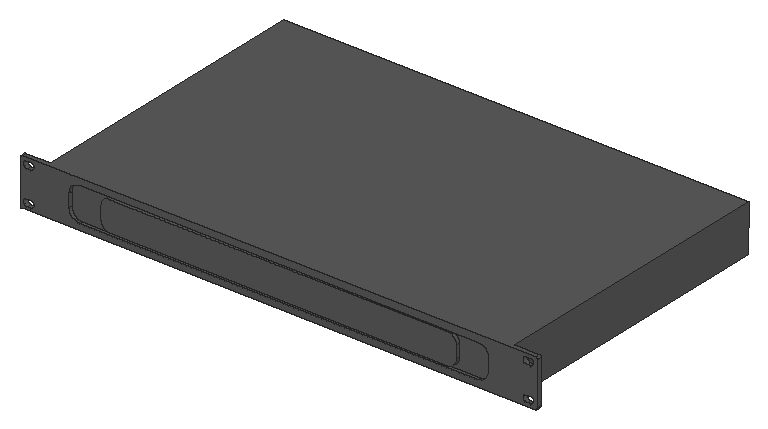
Revit family "E 20-4", category Communication Devices, Revit 2020
Family settings
  Maintain Annotation Orientation = No
  Round Connector Dimension = Use Diameter
  Part Type = Normal
  Work Plane-Based = No
  Always vertical = Yes
  Cut with Voids When Loaded = No
  Shared = No
  Room Calculation Point = No
Parameters
  Weight (kg) [instance] = 7.9  # constant formula
  Voltage [instance] = "100-240VAC"  # constant formula
  Model = "E 20:4"
  Manufacturer = "Lab Gruppen"
  Default Elevation = 0 mm
  Current Draw (Max) [instance] = 6  # constant formula
Reference planes
  plane 1 "Center (Front/Back)": y = 0
  plane 2: z = 0
  plane 3 "Center (Left/Right)": x = 0
Forms (mm)
  Extrusion 1, solid, material "Aluminium, Black"
    sketch origin (0, 0, 0) x (1, 0, 0) y (0, 0, 1)
      loop
        line (216.937, 44) -> (-216.504, 44) -> (-216.504, 0) -> (216.937, 0) -> (216.937, 44)
    from 0 to -272
  Extrusion 2, solid, material "Aluminium, Black"
    sketch origin (0, 0, 0) x (1, 0, 0) y (0, 0, 1)
      loop
        arc (-239.3, 44) -> (-240.714, 43.415) -> (-241.3, 42) r 2
        line (-241.3, 42) -> (-241.3, 2)
        arc (-241.3, 2) -> (-240.714, 0.586) -> (-239.3, 0) r 2
        line (-239.3, 0) -> (239.3, 0)
        arc (239.3, 0) -> (240.714, 0.586) -> (241.3, 2) r 2
        line (241.3, 2) -> (241.3, 42)
        arc (241.3, 42) -> (240.714, 43.415) -> (239.3, 44) r 2
        line (239.3, 44) -> (-239.3, 44)
    from 0 to 4
  Extrusion 3, void
    sketch origin (0, 0, 0) x (1, 0, 0) y (0, 0, 1)
      loop
        arc (231.4, 41.4) -> (227.9, 37.9) -> (231.4, 34.4) r 3.5
        line (231.4, 34.4) -> (234.4, 34.4)
        arc (234.4, 34.4) -> (237.9, 37.9) -> (234.4, 41.4) r 3.5
        line (234.4, 41.4) -> (231.4, 41.4)
    from 0 to 4
  Extrusion 4, void
    sketch origin (0, 0, 0) x (1, 0, 0) y (0, 0, 1)
      loop
        arc (231.4, 9.6) -> (227.9, 6.1) -> (231.4, 2.6) r 3.5
        line (231.4, 2.6) -> (234.4, 2.6)
        arc (234.4, 2.6) -> (237.9, 6.1) -> (234.4, 9.6) r 3.5
        line (234.4, 9.6) -> (231.4, 9.6)
    from 0 to 4
  Extrusion 5, void
    sketch origin (0, 0, 0) x (1, 0, 0) y (0, 0, 1)
      loop
        arc (-234.4, 41.4) -> (-237.9, 37.9) -> (-234.4, 34.4) r 3.5
        line (-234.4, 34.4) -> (-231.4, 34.4)
        arc (-231.4, 34.4) -> (-227.9, 37.9) -> (-231.4, 41.4) r 3.5
        line (-231.4, 41.4) -> (-234.4, 41.4)
    from 0 to 4
  Extrusion 6, void
    sketch origin (0, 0, 0) x (1, 0, 0) y (0, 0, 1)
      loop
        arc (-234.4, 9.6) -> (-237.9, 6.1) -> (-234.4, 2.6) r 3.5
        line (-234.4, 2.6) -> (-231.4, 2.6)
        arc (-231.4, 2.6) -> (-227.9, 6.1) -> (-231.4, 9.6) r 3.5
        line (-231.4, 9.6) -> (-234.4, 9.6)
    from 0 to 4
  Extrusion 7, void
    sketch origin (0, 0, 0) x (1, 0, 0) y (0, 0, 1)
      loop
        arc (-185.75, 38) -> (-192.821, 35.072) -> (-195.75, 28.001) r 10
        line (-195.75, 28.001) -> (-195.75, 16)
        arc (-195.75, 16) -> (-192.821, 8.929) -> (-185.75, 6) r 10
        line (-185.75, 6) -> (185.75, 6)
        arc (185.75, 6) -> (192.821, 8.929) -> (195.75, 16) r 10
        line (195.75, 16) -> (195.75, 28)
        arc (195.75, 28) -> (192.821, 35.071) -> (185.75, 38) r 10
        line (185.75, 38) -> (-185.75, 38)
    from 1 to 4
  Extrusion 8, solid, material "Aluminium, Black"
    sketch origin (0, 0, 0) x (1, 0, 0) y (0, 0, 1)
      loop
        arc (-157.75, 36.001) -> (-163.407, 33.657) -> (-165.75, 28.001) r 8
        line (-165.75, 28.001) -> (-165.75, 16)
        arc (-165.75, 16) -> (-163.407, 10.343) -> (-157.75, 8) r 8
        line (-157.75, 8) -> (157.75, 8)
        arc (157.75, 8) -> (163.407, 10.343) -> (165.75, 16) r 8
        line (165.75, 16) -> (165.75, 28.001)
        arc (165.75, 28.001) -> (163.407, 33.658) -> (157.75, 36.001) r 8
        line (157.75, 36.001) -> (-157.75, 36.001)
    from 1 to 4
Cuts and joins
  Extrusion 3, Extrusion 4, Extrusion 7 cuts Extrusion 1
  Extrusion 3, Extrusion 4, Extrusion 5, Extrusion 6, Extrusion 7 cuts Extrusion 2
  joined: Extrusion 1, Extrusion 2, Extrusion 8
Lines and regions (mm)
  Split face 1
    outline origin (-157.75, -4, 36.001) x (-1, 0, 0) y (0, 0, -1)
      loop
        arc (-83.45, 9.2) -> (-82.15, 10.5) -> (-83.45, 11.8) r 1.3
        line (-83.45, 11.8) -> (-89.45, 11.8)
        arc (-89.45, 11.8) -> (-90.75, 10.5) -> (-89.45, 9.2) r 1.3
        line (-89.45, 9.2) -> (-83.45, 9.2)
  Split face 2
    outline origin (-157.75, -4, 36.001) x (-1, 0, 0) y (0, 0, -1)
      loop
        arc (-83.45, 16.2) -> (-82.15, 17.5) -> (-83.45, 18.8) r 1.3
        line (-83.45, 18.8) -> (-89.45, 18.8)
        arc (-89.45, 18.8) -> (-90.75, 17.5) -> (-89.45, 16.2) r 1.3
        line (-89.45, 16.2) -> (-83.45, 16.2)
  Split face 3
    outline origin (151.8, 272, 44) x (0, 0, -1) y (-1, 0, 0)
      loop
        line (36.881, 281.67) -> (36.881, 297.368) -> (20.917, 297.368) -> (20.917, 281.67) -> (36.881, 281.67)
  Split face 4
    outline origin (176.085, 272, 44) x (0, 0, -1) y (-1, 0, 0)
      loop
        line (36.881, 324.151) -> (36.881, 339.849) -> (20.917, 339.849) -> (20.917, 324.151) -> (36.881, 324.151)
  Split face 5
    outline origin (151.8, 272, 44) x (0, 0, -1) y (-1, 0, 0)
      loop
        line (25.011, 295.86) -> (25.011, 294.882) -> (26.156, 294.882) -> (26.156, 291.433) -> (25.011, 291.433) -> (25.011, 287.788) -> (26.156, 287.788) -> (26.156, 284.34) -> (25.011, 284.34) -> (25.011, 283.361) -> (33.865, 283.361) -> (33.865, 295.86) -> (25.011, 295.86)
  Split face 6
    outline origin (176.085, 272, 44) x (0, 0, -1) y (-1, 0, 0)
      loop
        line (25.011, 338.341) -> (25.011, 337.363) -> (26.156, 337.363) -> (26.156, 333.914) -> (25.011, 333.914) -> (25.011, 330.269) -> (26.156, 330.269) -> (26.156, 326.821) -> (25.011, 326.821) -> (25.011, 325.842) -> (33.865, 325.842) -> (33.865, 338.341) -> (25.011, 338.341)
  Split face 7
    outline origin (187.853, 272, 44) x (0, 0, -1) y (-1, 0, 0)
      loop
        arc (28.422, 363.645) -> (30.466, 364.55) -> (31.305, 366.623) r 2.98
        line (31.305, 366.623) -> (31.305, 391.409)
        arc (31.305, 391.409) -> (30.493, 393.507) -> (28.422, 394.385) r 2.884
        line (28.422, 394.385) -> (12.058, 394.385)
        arc (12.058, 394.385) -> (10.01, 393.483) -> (9.169, 391.409) r 2.977
        line (9.169, 391.409) -> (9.169, 366.623)
        arc (9.169, 366.623) -> (9.983, 364.523) -> (12.058, 363.645) r 2.89
        line (12.058, 363.645) -> (28.422, 363.645)
  Split face 8
    outline origin (187.853, 272, 44) x (0, 0, -1) y (-1, 0, 0)
      loop
        arc (28.393, 389.257) -> (27.776, 390.755) -> (26.279, 391.376) r 2.114
        line (26.279, 391.376) -> (17.692, 391.376)
        arc (17.692, 391.376) -> (17.189, 391.274) -> (16.765, 390.986) r 1.299
        line (16.765, 390.986) -> (12.421, 386.557)
        arc (12.421, 386.557) -> (12.138, 386.127) -> (12.039, 385.622) r 1.336
        line (12.039, 385.622) -> (12.039, 372.472)
        arc (12.039, 372.472) -> (12.14, 371.968) -> (12.429, 371.544) r 1.293
        line (12.429, 371.544) -> (16.76, 367.323)
        arc (16.76, 367.323) -> (17.188, 367.04) -> (17.692, 366.941) r 1.327
        line (17.692, 366.941) -> (26.156, 366.941)
        arc (26.156, 366.941) -> (27.73, 367.519) -> (28.393, 369.059) r 2.122
        line (28.393, 369.059) -> (28.393, 389.257)
  Split face 9
    outline origin (187.853, 272, 44) x (0, 0, -1) y (-1, 0, 0)
      loop
        line (23.895, 385.372) -> (23.895, 387.032) -> (20.184, 387.032) -> (20.184, 385.372) -> (23.895, 385.372)
  Split face 10
    outline origin (187.853, 272, 44) x (0, 0, -1) y (-1, 0, 0)
      loop
        line (19.844, 378.336) -> (19.844, 379.996) -> (16.129, 379.996) -> (16.129, 378.336) -> (19.844, 378.336)
  Split face 11
    outline origin (187.853, 272, 44) x (0, 0, -1) y (-1, 0, 0)
      loop
        line (20.184, 372.93) -> (20.184, 371.266) -> (23.895, 371.266) -> (23.895, 372.93) -> (20.184, 372.93)
  Split face 12
    outline origin (216.937, 272, 44) x (0, 0, -1) y (-1, 0, 0)
      loop
        circle (29.652, 182.63) r 5.531
  Split face 13
    outline origin (216.937, 272, 44) x (0, 0, -1) y (-1, 0, 0)
      loop
        circle (30.72, 192.684) r 1.778
  Split face 14
    outline origin (216.937, 272, 39.014) x (0, 0, -1) y (-1, 0, 0)
      loop
        circle (25.227, 151.875) r 5.494
  Split face 15
    outline origin (216.937, 272, 39.014) x (0, 0, -1) y (-1, 0, 0)
      loop
        arc (22.886, 150.987) -> (22.835, 149.663) -> (24.159, 149.613) r 0.936
        line (24.159, 149.613) -> (27.557, 152.764)
        arc (27.557, 152.764) -> (27.611, 154.086) -> (26.289, 154.138) r 0.935
        line (26.289, 154.138) -> (22.886, 150.987)
  Split face 16
    outline origin (216.937, 272, 44) x (0, 0, -1) y (-1, 0, 0)
      loop
        circle (31.117, 140.57) r 1.58
  Split face 17
    outline origin (216.937, 272, 44) x (0, 0, -1) y (-1, 0, 0)
      loop
        line (34.484, 130.603) -> (34.484, 135.25) -> (27.365, 135.25) -> (27.365, 130.603) -> (34.484, 130.603)
  Split face 18
    outline origin (216.937, 272, 44) x (0, 0, -1) y (-1, 0, 0)
      loop
        line (33.378, 131.605) -> (33.378, 134.248) -> (29.564, 134.248) -> (29.564, 131.605) -> (33.378, 131.605)
  Split face 19
    outline origin (216.937, 272, 44) x (0, 0, -1) y (-1, 0, 0)
      loop
        line (34.484, 122.278) -> (34.484, 126.924) -> (27.365, 126.924) -> (27.365, 122.278) -> (34.484, 122.278)
  Split face 20
    outline origin (216.937, 272, 44) x (0, 0, -1) y (-1, 0, 0)
      loop
        line (33.378, 123.28) -> (33.378, 125.924) -> (29.564, 125.924) -> (29.564, 123.28) -> (33.378, 123.28)
  Split face 21
    outline origin (216.937, 272, 39.014) x (0, 0, -1) y (-1, 0, 0)
      loop
        circle (25.225, 110.053) r 5.494
  Split face 22
    outline origin (216.937, 272, 39.014) x (0, 0, -1) y (-1, 0, 0)
      loop
        arc (22.886, 109.165) -> (22.835, 107.841) -> (24.159, 107.791) r 0.936
        line (24.159, 107.791) -> (27.557, 110.942)
        arc (27.557, 110.942) -> (27.611, 112.264) -> (26.289, 112.316) r 0.935
        line (26.289, 112.316) -> (22.886, 109.165)
  Split face 23
    outline origin (216.937, 272, 44) x (0, 0, -1) y (-1, 0, 0)
      loop
        line (34.484, 88.653) -> (34.484, 93.301) -> (27.365, 93.301) -> (27.365, 88.653) -> (34.484, 88.653)
  Split face 24
    outline origin (216.937, 272, 44) x (0, 0, -1) y (-1, 0, 0)
      loop
        line (33.378, 89.656) -> (33.378, 92.299) -> (29.564, 92.299) -> (29.564, 89.656) -> (33.378, 89.656)
  Split face 25
    outline origin (216.937, 272, 44) x (0, 0, -1) y (-1, 0, 0)
      loop
        line (34.484, 80.329) -> (34.484, 84.975) -> (27.365, 84.975) -> (27.365, 80.329) -> (34.484, 80.329)
  Split face 26
    outline origin (216.937, 272, 44) x (0, 0, -1) y (-1, 0, 0)
      loop
        line (33.378, 81.331) -> (33.378, 83.975) -> (29.564, 83.975) -> (29.564, 81.331) -> (33.378, 81.331)
  Split face 27
    outline origin (216.937, 272, 44) x (0, 0, -1) y (-1, 0, 0)
      loop
        circle (31.117, 98.391) r 1.578
  Split face 28
    outline origin (216.937, 272, 44) x (0, 0, -1) y (-1, 0, 0)
      loop
        line (36.299, 4.758) -> (36.299, 26.188) -> (27.277, 26.188) -> (27.277, 25.116) -> (25.049, 25.116) -> (25.049, 5.793) -> (27.365, 5.793) -> (27.365, 4.758) -> (36.299, 4.758)
  Split face 29
    outline origin (216.937, 272, 44) x (0, 0, -1) y (-1, 0, 0)
      loop
        line (28.11, 4.758) -> (28.11, 26.188)
  Split face 30
    outline origin (216.937, 272, 44) x (0, 0, -1) y (-1, 0, 0)
      loop
        line (36.539, 31.923) -> (36.539, 49.134) -> (27.536, 49.134) -> (27.536, 46.746) -> (25.308, 46.746) -> (25.308, 34.334) -> (27.633, 34.334) -> (27.633, 31.923) -> (36.539, 31.923)
  Split face 31
    outline origin (216.937, 272, 44) x (0, 0, -1) y (-1, 0, 0)
      loop
        line (28.36, 31.923) -> (28.36, 49.134)
  Split face 32
    outline origin (216.937, 272, 44) x (0, 0, -1) y (-1, 0, 0)
      loop
        line (36.539, 58.674) -> (36.539, 75.884) -> (27.536, 75.884) -> (27.536, 73.496) -> (25.308, 73.496) -> (25.308, 61.084) -> (27.633, 61.084) -> (27.633, 58.674) -> (36.539, 58.674)
  Split face 33
    outline origin (216.937, 272, 44) x (0, 0, -1) y (-1, 0, 0)
      loop
        line (28.36, 58.674) -> (28.36, 75.884)
  Split face 34
    outline origin (216.937, 272, 44) x (0, 0, -1) y (-1, 0, 0)
      loop
        arc (34.712, 33.431) -> (35.812, 35.797) -> (34.712, 38.163) r 3.096
        arc (34.712, 38.163) -> (35.812, 40.529) -> (34.712, 42.895) r 3.096
        arc (34.712, 42.895) -> (35.812, 45.261) -> (34.712, 47.626) r 3.096
        line (34.712, 47.626) -> (34.712, 48.426) -> (30.105, 48.426) -> (30.105, 32.631) -> (34.712, 32.631) -> (34.712, 33.431)
  Split face 35
    outline origin (216.937, 272, 44) x (0, 0, -1) y (-1, 0, 0)
      loop
        arc (34.712, 60.181) -> (35.812, 62.547) -> (34.712, 64.913) r 3.096
        arc (34.712, 64.913) -> (35.812, 67.279) -> (34.712, 69.645) r 3.096
        arc (34.712, 69.645) -> (35.812, 72.011) -> (34.712, 74.377) r 3.096
        line (34.712, 74.377) -> (34.712, 75.177) -> (30.105, 75.177) -> (30.105, 59.381) -> (34.712, 59.381) -> (34.712, 60.181)
  Split face 36
    outline origin (216.937, 272, 44) x (0, 0, -1) y (-1, 0, 0)
      loop
        arc (34.712, 6.009) -> (35.812, 8.375) -> (34.712, 10.741) r 3.096
        arc (34.712, 10.741) -> (35.812, 13.107) -> (34.712, 15.473) r 3.096
        arc (34.712, 15.473) -> (35.812, 17.839) -> (34.712, 20.205) r 3.096
        arc (34.712, 20.205) -> (35.812, 22.571) -> (34.712, 24.937) r 3.096
        line (34.712, 24.937) -> (34.712, 25.737) -> (30.105, 25.737) -> (30.105, 5.209) -> (34.712, 5.209) -> (34.712, 6.009)
  Split face 37
    outline origin (-157.75, -4, 36.001) x (-1, 0, 0) y (0, 0, -1)
      loop
        circle (-182.45, 10.5) r 1.3
  Split face 38
    outline origin (-157.75, -4, 36.001) x (-1, 0, 0) y (0, 0, -1)
      loop
        circle (-182.45, 17.5) r 1.3
  Split face 39
    outline origin (-157.75, -4, 36.001) x (-1, 0, 0) y (0, 0, -1)
      loop
        circle (-206.951, 10.5) r 1.3
  Split face 40
    outline origin (-157.75, -4, 36.001) x (-1, 0, 0) y (0, 0, -1)
      loop
        circle (-206.951, 17.5) r 1.3
  Split face 41
    outline origin (216.937, 272, 44) x (0, 0, -1) y (-1, 0, 0)
      loop
        line (36.881, 328.65) -> (36.881, 344.348) -> (20.917, 344.348) -> (20.917, 328.65) -> (36.881, 328.65)
  Split face 42
    outline origin (216.937, 272, 44) x (0, 0, -1) y (-1, 0, 0)
      loop
        line (36.881, 310.454) -> (36.881, 326.152) -> (20.917, 326.152) -> (20.917, 310.454) -> (36.881, 310.454)
  Split face 43
    outline origin (216.937, 272, 44) x (0, 0, -1) y (-1, 0, 0)
      loop
        line (25.011, 342.823) -> (25.011, 341.844) -> (26.156, 341.844) -> (26.156, 338.396) -> (25.011, 338.396) -> (25.011, 334.751) -> (26.156, 334.751) -> (26.156, 331.302) -> (25.011, 331.302) -> (25.011, 330.324) -> (33.865, 330.324) -> (33.865, 342.823) -> (25.011, 342.823)
  Split face 44
    outline origin (216.937, 272, 44) x (0, 0, -1) y (-1, 0, 0)
      loop
        line (25.011, 324.627) -> (25.011, 323.648) -> (26.156, 323.648) -> (26.156, 320.2) -> (25.011, 320.2) -> (25.011, 316.555) -> (26.156, 316.555) -> (26.156, 313.106) -> (25.011, 313.106) -> (25.011, 312.128) -> (33.865, 312.128) -> (33.865, 324.627) -> (25.011, 324.627)
  Split face 45
    outline origin (216.937, 272, 44) x (0, 0, -1) y (-1, 0, 0)
      loop
        line (19.417, 31.923) -> (19.417, 49.134) -> (10.414, 49.134) -> (10.414, 46.746) -> (8.187, 46.746) -> (8.187, 34.334) -> (10.511, 34.334) -> (10.511, 31.923) -> (19.417, 31.923)
  Split face 46
    outline origin (216.937, 272, 44) x (0, 0, -1) y (-1, 0, 0)
      loop
        line (19.23, 58.714) -> (19.23, 75.925) -> (10.227, 75.925) -> (10.227, 73.537) -> (8, 73.537) -> (8, 61.125) -> (10.325, 61.125) -> (10.325, 58.714) -> (19.23, 58.714)
  Split face 47
    outline origin (216.937, 272, 44) x (0, 0, -1) y (-1, 0, 0)
      loop
        arc (16.948, 33.431) -> (18.047, 35.797) -> (16.948, 38.163) r 3.096
        arc (16.948, 38.163) -> (18.047, 40.529) -> (16.948, 42.895) r 3.096
        arc (16.948, 42.895) -> (18.047, 45.261) -> (16.948, 47.626) r 3.096
        line (16.948, 47.626) -> (16.948, 48.426) -> (12.341, 48.426) -> (12.341, 32.631) -> (16.948, 32.631) -> (16.948, 33.431)
  Split face 48
    outline origin (216.937, 272, 44) x (0, 0, -1) y (-1, 0, 0)
      loop
        arc (16.948, 60.181) -> (18.047, 62.547) -> (16.948, 64.913) r 3.096
        arc (16.948, 64.913) -> (18.047, 67.279) -> (16.948, 69.645) r 3.096
        arc (16.948, 69.645) -> (18.047, 72.011) -> (16.948, 74.377) r 3.096
        line (16.948, 74.377) -> (16.948, 75.177) -> (12.341, 75.177) -> (12.341, 59.381) -> (16.948, 59.381) -> (16.948, 60.181)
  Split face 49
    outline origin (216.937, 272, 44) x (0, 0, -1) y (-1, 0, 0)
      loop
        circle (12.341, 110.004) r 5.5
  Split face 50
    outline origin (216.937, 272, 44) x (0, 0, -1) y (-1, 0, 0)
      loop
        arc (10.048, 109.165) -> (9.997, 107.841) -> (11.321, 107.791) r 0.936
        line (11.321, 107.791) -> (14.719, 110.942)
        arc (14.719, 110.942) -> (14.773, 112.264) -> (13.451, 112.316) r 0.935
        line (13.451, 112.316) -> (10.048, 109.165)
  Split face 51
    outline origin (216.937, 272, 44) x (0, 0, -1) y (-1, 0, 0)
      loop
        circle (12.341, 151.894) r 5.5
  Split face 52
    outline origin (216.937, 272, 44) x (0, 0, -1) y (-1, 0, 0)
      loop
        arc (10.048, 150.981) -> (9.997, 149.657) -> (11.321, 149.607) r 0.936
        line (11.321, 149.607) -> (14.719, 152.758)
        arc (14.719, 152.758) -> (14.773, 154.08) -> (13.451, 154.132) r 0.935
        line (13.451, 154.132) -> (10.048, 150.981)
  Split face 53
    outline origin (216.937, 272, 44) x (0, 0, -1) y (-1, 0, 0)
      loop
        line (16.685, 130.603) -> (16.685, 135.25) -> (9.565, 135.25) -> (9.565, 130.603) -> (16.685, 130.603)
  Split face 54
    outline origin (216.937, 272, 44) x (0, 0, -1) y (-1, 0, 0)
      loop
        line (16.685, 122.276) -> (16.685, 126.924) -> (9.565, 126.924) -> (9.565, 122.276) -> (16.685, 122.276)
  Split face 55
    outline origin (216.937, 272, 44) x (0, 0, -1) y (-1, 0, 0)
      loop
        line (16.685, 88.653) -> (16.685, 93.301) -> (9.565, 93.301) -> (9.565, 88.653) -> (16.685, 88.653)
  Split face 56
    outline origin (216.937, 272, 44) x (0, 0, -1) y (-1, 0, 0)
      loop
        line (16.685, 80.327) -> (16.685, 84.975) -> (9.565, 84.975) -> (9.565, 80.327) -> (16.685, 80.327)
  Split face 57
    outline origin (216.937, 272, 44) x (0, 0, -1) y (-1, 0, 0)
      loop
        line (15.578, 131.605) -> (15.578, 134.248) -> (11.764, 134.248) -> (11.764, 131.605) -> (15.578, 131.605)
  Split face 58
    outline origin (216.937, 272, 44) x (0, 0, -1) y (-1, 0, 0)
      loop
        line (15.578, 123.279) -> (15.578, 125.922) -> (11.764, 125.922) -> (11.764, 123.279) -> (15.578, 123.279)
  Split face 59
    outline origin (216.937, 272, 44) x (0, 0, -1) y (-1, 0, 0)
      loop
        line (15.578, 89.656) -> (15.578, 92.299) -> (11.764, 92.299) -> (11.764, 89.656) -> (15.578, 89.656)
  Split face 60
    outline origin (216.937, 272, 44) x (0, 0, -1) y (-1, 0, 0)
      loop
        line (15.578, 81.33) -> (15.578, 83.973) -> (11.764, 83.973) -> (11.764, 81.33) -> (15.578, 81.33)
  Split face 61
    outline origin (216.937, 272, 44) x (0, 0, -1) y (-1, 0, 0)
      loop
        circle (13.317, 140.57) r 1.58
  Split face 62
    outline origin (216.937, 272, 44) x (0, 0, -1) y (-1, 0, 0)
      loop
        circle (13.317, 98.389) r 1.58
  Split face 63
    outline origin (216.937, 272, 44) x (0, 0, -1) y (-1, 0, 0)
      loop
        arc (34.712, 234.907) -> (35.974, 236.169) -> (34.712, 237.43) r 1.262
        line (34.712, 237.43) -> (6.452, 237.43)
        arc (6.452, 237.43) -> (5.19, 236.169) -> (6.452, 234.907) r 1.262
        line (6.452, 234.907) -> (34.712, 234.907)
  Split face 64
    outline origin (216.937, 272, 44) x (0, 0, -1) y (-1, 0, 0)
      loop
        arc (34.712, 238.407) -> (35.974, 239.669) -> (34.712, 240.93) r 1.262
        line (34.712, 240.93) -> (6.452, 240.93)
        arc (6.452, 240.93) -> (5.19, 239.669) -> (6.452, 238.407) r 1.262
        line (6.452, 238.407) -> (34.712, 238.407)
  Split face 65
    outline origin (216.937, 272, 44) x (0, 0, -1) y (-1, 0, 0)
      loop
        arc (34.712, 217.409) -> (35.974, 218.671) -> (34.712, 219.933) r 1.262
        line (34.712, 219.933) -> (6.452, 219.933)
        arc (6.452, 219.933) -> (5.19, 218.671) -> (6.452, 217.409) r 1.262
        line (6.452, 217.409) -> (34.712, 217.409)
  Split face 66
    outline origin (216.937, 272, 44) x (0, 0, -1) y (-1, 0, 0)
      loop
        arc (34.712, 213.93) -> (35.974, 215.192) -> (34.712, 216.454) r 1.262
        line (34.712, 216.454) -> (6.452, 216.454)
        arc (6.452, 216.454) -> (5.19, 215.192) -> (6.452, 213.93) r 1.262
        line (6.452, 213.93) -> (34.712, 213.93)
  Split face 67
    outline origin (216.937, 272, 44) x (0, 0, -1) y (-1, 0, 0)
      loop
        arc (34.712, 245.407) -> (35.974, 246.669) -> (34.712, 247.93) r 1.262
        line (34.712, 247.93) -> (6.452, 247.93)
        arc (6.452, 247.93) -> (5.19, 246.669) -> (6.452, 245.407) r 1.262
        line (6.452, 245.407) -> (34.712, 245.407)
  Split face 68
    outline origin (216.937, 272, 44) x (0, 0, -1) y (-1, 0, 0)
      loop
        arc (34.712, 224.389) -> (35.974, 225.651) -> (34.712, 226.913) r 1.262
        line (34.712, 226.913) -> (6.452, 226.913)
        arc (6.452, 226.913) -> (5.19, 225.651) -> (6.452, 224.389) r 1.262
        line (6.452, 224.389) -> (34.712, 224.389)
  Split face 69
    outline origin (216.937, 272, 44) x (0, 0, -1) y (-1, 0, 0)
      loop
        arc (34.712, 220.89) -> (35.974, 222.152) -> (34.712, 223.413) r 1.262
        line (34.712, 223.413) -> (6.452, 223.413)
        arc (6.452, 223.413) -> (5.19, 222.152) -> (6.452, 220.89) r 1.262
        line (6.452, 220.89) -> (34.712, 220.89)
  Split face 70
    outline origin (216.937, 272, 44) x (0, 0, -1) y (-1, 0, 0)
      loop
        arc (34.712, 241.907) -> (35.974, 243.169) -> (34.712, 244.43) r 1.262
        line (34.712, 244.43) -> (6.452, 244.43)
        arc (6.452, 244.43) -> (5.19, 243.169) -> (6.452, 241.907) r 1.262
        line (6.452, 241.907) -> (34.712, 241.907)
  Split face 71
    outline origin (216.937, 272, 44) x (0, 0, -1) y (-1, 0, 0)
      loop
        arc (34.712, 227.907) -> (35.974, 229.169) -> (34.712, 230.43) r 1.262
        line (34.712, 230.43) -> (6.452, 230.43)
        arc (6.452, 230.43) -> (5.19, 229.169) -> (6.452, 227.907) r 1.262
        line (6.452, 227.907) -> (34.712, 227.907)
  Split face 72
    outline origin (216.937, 272, 44) x (0, 0, -1) y (-1, 0, 0)
      loop
        arc (34.712, 231.407) -> (35.974, 232.669) -> (34.712, 233.93) r 1.262
        line (34.712, 233.93) -> (6.452, 233.93)
        arc (6.452, 233.93) -> (5.19, 232.669) -> (6.452, 231.407) r 1.262
        line (6.452, 231.407) -> (34.712, 231.407)
  Split face 73
    outline origin (216.937, 272, 44) x (0, 0, -1) y (-1, 0, 0)
      loop
        arc (34.712, 248.907) -> (35.974, 250.169) -> (34.712, 251.43) r 1.262
        line (34.712, 251.43) -> (6.452, 251.43)
        arc (6.452, 251.43) -> (5.19, 250.169) -> (6.452, 248.907) r 1.262
        line (6.452, 248.907) -> (34.712, 248.907)
  Split face 74
    outline origin (216.937, 272, 44) x (0, 0, -1) y (-1, 0, 0)
      loop
        arc (34.712, 266.407) -> (35.974, 267.669) -> (34.712, 268.93) r 1.262
        line (34.712, 268.93) -> (6.452, 268.93)
        arc (6.452, 268.93) -> (5.19, 267.669) -> (6.452, 266.407) r 1.262
        line (6.452, 266.407) -> (34.712, 266.407)
  Split face 75
    outline origin (216.937, 272, 44) x (0, 0, -1) y (-1, 0, 0)
      loop
        arc (34.712, 276.907) -> (35.974, 278.169) -> (34.712, 279.43) r 1.262
        line (34.712, 279.43) -> (6.452, 279.43)
        arc (6.452, 279.43) -> (5.19, 278.169) -> (6.452, 276.907) r 1.262
        line (6.452, 276.907) -> (34.712, 276.907)
  Split face 76
    outline origin (216.937, 272, 44) x (0, 0, -1) y (-1, 0, 0)
      loop
        arc (34.712, 273.407) -> (35.974, 274.669) -> (34.712, 275.93) r 1.262
        line (34.712, 275.93) -> (6.452, 275.93)
        arc (6.452, 275.93) -> (5.19, 274.669) -> (6.452, 273.407) r 1.262
        line (6.452, 273.407) -> (34.712, 273.407)
  Split face 77
    outline origin (216.937, 272, 44) x (0, 0, -1) y (-1, 0, 0)
      loop
        arc (34.712, 280.407) -> (35.974, 281.669) -> (34.712, 282.93) r 1.262
        line (34.712, 282.93) -> (6.452, 282.93)
        arc (6.452, 282.93) -> (5.19, 281.669) -> (6.452, 280.407) r 1.262
        line (6.452, 280.407) -> (34.712, 280.407)
  Split face 78
    outline origin (216.937, 272, 44) x (0, 0, -1) y (-1, 0, 0)
      loop
        arc (34.712, 269.907) -> (35.974, 271.169) -> (34.712, 272.43) r 1.262
        line (34.712, 272.43) -> (6.452, 272.43)
        arc (6.452, 272.43) -> (5.19, 271.169) -> (6.452, 269.907) r 1.262
        line (6.452, 269.907) -> (34.712, 269.907)
  Split face 79
    outline origin (216.937, 272, 44) x (0, 0, -1) y (-1, 0, 0)
      loop
        arc (34.712, 255.907) -> (35.974, 257.169) -> (34.712, 258.43) r 1.262
        line (34.712, 258.43) -> (6.452, 258.43)
        arc (6.452, 258.43) -> (5.19, 257.169) -> (6.452, 255.907) r 1.262
        line (6.452, 255.907) -> (34.712, 255.907)
  Split face 80
    outline origin (216.937, 272, 44) x (0, 0, -1) y (-1, 0, 0)
      loop
        arc (34.712, 252.407) -> (35.974, 253.669) -> (34.712, 254.93) r 1.262
        line (34.712, 254.93) -> (6.452, 254.93)
        arc (6.452, 254.93) -> (5.19, 253.669) -> (6.452, 252.407) r 1.262
        line (6.452, 252.407) -> (34.712, 252.407)
  Split face 81
    outline origin (216.937, 272, 44) x (0, 0, -1) y (-1, 0, 0)
      loop
        arc (34.712, 262.907) -> (35.974, 264.169) -> (34.712, 265.43) r 1.262
        line (34.712, 265.43) -> (6.452, 265.43)
        arc (6.452, 265.43) -> (5.19, 264.169) -> (6.452, 262.907) r 1.262
        line (6.452, 262.907) -> (34.712, 262.907)
  Split face 82
    outline origin (216.937, 272, 44) x (0, 0, -1) y (-1, 0, 0)
      loop
        arc (34.712, 259.407) -> (35.974, 260.669) -> (34.712, 261.93) r 1.262
        line (34.712, 261.93) -> (6.452, 261.93)
        arc (6.452, 261.93) -> (5.19, 260.669) -> (6.452, 259.407) r 1.262
        line (6.452, 259.407) -> (34.712, 259.407)
  Split face 83
    outline origin (-157.75, -4, 36.001) x (-1, 0, 0) y (0, 0, -1)
      loop
        circle (-157.95, 10.5) r 1.3
  Split face 84
    outline origin (-157.75, -4, 36.001) x (-1, 0, 0) y (0, 0, -1)
      loop
        circle (-157.95, 17.5) r 1.3
  Split face 85
    outline origin (-157.75, -4, 36.001) x (-1, 0, 0) y (0, 0, -1)
      loop
        circle (-133.45, 10.5) r 1.3
  Split face 86
    outline origin (-157.75, -4, 36.001) x (-1, 0, 0) y (0, 0, -1)
      loop
        circle (-133.45, 17.5) r 1.3
  Split face 87
    outline origin (216.937, 272, 44) x (0, 0, -1) y (-1, 0, 0)
      loop
        arc (34.712, 283.907) -> (35.974, 285.169) -> (34.712, 286.43) r 1.262
        line (34.712, 286.43) -> (6.452, 286.43)
        arc (6.452, 286.43) -> (5.19, 285.169) -> (6.452, 283.907) r 1.262
        line (6.452, 283.907) -> (34.712, 283.907)
  Split face 88
    outline origin (216.937, 272, 44) x (0, 0, -1) y (-1, 0, 0)
      loop
        arc (34.712, 287.407) -> (35.974, 288.669) -> (34.712, 289.93) r 1.262
        line (34.712, 289.93) -> (6.452, 289.93)
        arc (6.452, 289.93) -> (5.19, 288.669) -> (6.452, 287.407) r 1.262
        line (6.452, 287.407) -> (34.712, 287.407)
  Split face 89
    outline origin (216.937, 272, 44) x (0, 0, -1) y (-1, 0, 0)
      loop
        arc (34.712, 290.907) -> (35.974, 292.169) -> (34.712, 293.43) r 1.262
        line (34.712, 293.43) -> (6.452, 293.43)
        arc (6.452, 293.43) -> (5.19, 292.169) -> (6.452, 290.907) r 1.262
        line (6.452, 290.907) -> (34.712, 290.907)
  Split face 90
    outline origin (216.937, 272, 44) x (0, 0, -1) y (-1, 0, 0)
      loop
        arc (34.712, 294.407) -> (35.974, 295.669) -> (34.712, 296.93) r 1.262
        line (34.712, 296.93) -> (6.452, 296.93)
        arc (6.452, 296.93) -> (5.19, 295.669) -> (6.452, 294.407) r 1.262
        line (6.452, 294.407) -> (34.712, 294.407)
  model lines, style "LAGER_1"
    curve 1: line (-239.3, 0, 0) -> (239.3, 0, 0)
    curve 2: line (131.532, -4, 23.649) -> (131.062, -4, 23.759)
    curve 3: line (131.062, -4, 23.759) -> (130.184, -4, 23.802)
    curve 4: line (130.184, -4, 23.802) -> (130.011, -4, 23.802)
    curve 5: line (130.011, -4, 23.802) -> (129.167, -4, 23.765)
    curve 6: line (129.167, -4, 23.765) -> (128.533, -4, 23.639)
    curve 7: line (128.533, -4, 23.639) -> (128.28, -4, 23.401)
    curve 8: line (128.28, -4, 23.401) -> (128.431, -4, 22.518)
    curve 9: line (128.431, -4, 22.518) -> (129.032, -4, 22.38)
    curve 10: line (129.032, -4, 22.38) -> (129.482, -4, 22.38)
    curve 11: line (129.482, -4, 22.38) -> (130.451, -4, 22.38)
    curve 12: line (130.451, -4, 22.38) -> (130.901, -4, 22.374)
    curve 13: line (130.901, -4, 22.374) -> (131.496, -4, 22.325)
    curve 14: line (131.496, -4, 22.325) -> (132.137, -4, 22.046)
    curve 15: line (132.137, -4, 22.046) -> (132.264, -4, 20.617)
    curve 16: line (132.264, -4, 20.617) -> (131.866, -4, 20.243)
    curve 17: line (131.866, -4, 20.243) -> (131.187, -4, 20.08)
    curve 18: line (131.187, -4, 20.08) -> (130.321, -4, 20.043)
    curve 19: line (130.321, -4, 20.043) -> (129.994, -4, 20.043)
    curve 20: line (129.994, -4, 20.043) -> (129.3, -4, 20.053)
    curve 21: line (129.3, -4, 20.053) -> (128.591, -4, 20.126)
    curve 22: line (128.591, -4, 20.126) -> (127.91, -4, 20.462)
    curve 23: line (127.91, -4, 20.462) -> (127.707, -4, 21.41)
    curve 24: line (127.707, -4, 21.41) -> (128.203, -4, 21.41)
    curve 25: line (128.203, -4, 21.319) -> (128.261, -4, 20.828)
    curve 26: line (128.261, -4, 20.828) -> (128.564, -4, 20.593)
    curve 27: line (128.564, -4, 20.593) -> (129.215, -4, 20.496)
    curve 28: line (129.215, -4, 20.496) -> (131.1, -4, 20.529)
    curve 29: line (131.1, -4, 20.529) -> (131.702, -4, 20.74)
    curve 30: line (131.702, -4, 20.74) -> (131.656, -4, 21.818)
    curve 31: line (131.656, -4, 21.818) -> (130.957, -4, 21.939)
    curve 32: line (130.957, -4, 21.939) -> (130.015, -4, 21.939)
    curve 33: line (130.015, -4, 21.939) -> (128.913, -4, 21.961)
    curve 34: line (128.913, -4, 21.961) -> (128.02, -4, 22.184)
    curve 35: line (128.02, -4, 22.184) -> (127.842, -4, 23.641)
    curve 36: line (127.842, -4, 23.641) -> (128.301, -4, 24.043)
    curve 37: line (128.301, -4, 24.043) -> (129.062, -4, 24.198)
    curve 38: line (129.062, -4, 24.198) -> (130.693, -4, 24.223)
    curve 39: line (130.693, -4, 24.223) -> (131.347, -4, 24.165)
    curve 40: line (131.347, -4, 24.165) -> (132.041, -4, 23.84)
    curve 41: line (132.041, -4, 23.84) -> (132.282, -4, 22.998)
    curve 42: line (132.282, -4, 22.998) -> (131.785, -4, 22.998)
    curve 43: line (131.785, -4, 22.998) -> (131.72, -4, 23.443)
    curve 44: line (131.72, -4, 23.443) -> (131.532, -4, 23.649)
    curve 45: line (137.322, -4, 22.413) -> (137.322, -4, 21.994)
    curve 46: line (137.322, -4, 21.994) -> (133.867, -4, 21.994)
    curve 47: line (133.867, -4, 21.994) -> (133.867, -4, 20.484)
    curve 48: line (133.867, -4, 20.484) -> (137.495, -4, 20.484)
    curve 49: line (137.495, -4, 20.484) -> (137.495, -4, 20.065)
    curve 50: line (137.495, -4, 20.065) -> (133.371, -4, 20.065)
    curve 51: line (133.371, -4, 20.065) -> (133.371, -4, 24.199)
    curve 52: line (133.371, -4, 24.199) -> (137.452, -4, 24.199)
    curve 53: line (137.452, -4, 24.199) -> (137.452, -4, 23.769)
    curve 54: line (137.452, -4, 23.769) -> (133.867, -4, 23.769)
    curve 55: line (133.867, -4, 23.769) -> (133.867, -4, 22.413)
    curve 56: line (133.867, -4, 22.413) -> (137.322, -4, 22.413)
    curve 57: line (142.715, -4, 23.001) -> (142.487, -4, 23.625)
    curve 58: line (142.487, -4, 23.625) -> (141.732, -4, 23.769)
    curve 59: line (141.732, -4, 23.769) -> (138.978, -4, 23.769)
    curve 60: line (138.978, -4, 23.769) -> (138.978, -4, 22.16)
    curve 61: line (138.978, -4, 22.16) -> (141.744, -4, 22.16)
    curve 62: line (141.744, -4, 22.16) -> (142.502, -4, 22.329)
    curve 63: line (142.502, -4, 22.329) -> (142.715, -4, 23.001)
    curve 64: line (143.234, -4, 22.974) -> (143.069, -4, 22.21)
    curve 65: line (143.069, -4, 22.21) -> (142.354, -4, 21.923)
    curve 66: line (142.354, -4, 21.923) -> (142.962, -4, 21.721)
    curve 67: line (142.962, -4, 21.721) -> (143.156, -4, 21.189)
    curve 68: line (143.156, -4, 21.189) -> (143.156, -4, 20.065)
    curve 69: line (143.156, -4, 20.065) -> (142.66, -4, 20.065)
    curve 70: line (142.66, -4, 20.065) -> (142.66, -4, 20.983)
    curve 71: line (142.66, -4, 20.983) -> (142.466, -4, 21.592)
    curve 72: line (142.466, -4, 21.592) -> (141.789, -4, 21.741)
    curve 73: line (141.789, -4, 21.741) -> (138.978, -4, 21.741)
    curve 74: line (138.978, -4, 21.741) -> (138.978, -4, 20.065)
    curve 75: line (138.978, -4, 20.065) -> (138.482, -4, 20.065)
    curve 76: line (138.482, -4, 20.065) -> (138.482, -4, 24.199)
    curve 77: line (138.482, -4, 24.199) -> (141.837, -4, 24.199)
    curve 78: line (141.837, -4, 24.199) -> (142.909, -4, 23.949)
    curve 79: line (142.909, -4, 23.949) -> (143.234, -4, 22.974)
    curve 80: line (144.714, -4, 20.065) -> (144.217, -4, 20.065)
    curve 81: line (144.217, -4, 20.065) -> (144.217, -4, 24.199)
    curve 82: line (144.217, -4, 24.199) -> (144.714, -4, 24.199)
    curve 83: line (144.714, -4, 24.199) -> (144.714, -4, 20.065)
    curve 84: line (149.818, -4, 22.413) -> (149.818, -4, 21.994)
    curve 85: line (149.818, -4, 21.994) -> (146.362, -4, 21.994)
    curve 86: line (146.362, -4, 21.994) -> (146.362, -4, 20.484)
    curve 87: line (146.362, -4, 20.484) -> (149.991, -4, 20.484)
    curve 88: line (149.991, -4, 20.484) -> (149.991, -4, 20.065)
    curve 89: line (149.991, -4, 20.065) -> (145.866, -4, 20.065)
    curve 90: line (145.866, -4, 20.065) -> (145.866, -4, 24.199)
    curve 91: line (145.866, -4, 24.199) -> (149.947, -4, 24.199)
    curve 92: line (149.947, -4, 24.199) -> (149.947, -4, 23.769)
    curve 93: line (149.947, -4, 23.769) -> (146.362, -4, 23.769)
    curve 94: line (146.362, -4, 23.769) -> (146.362, -4, 22.413)
    curve 95: line (146.362, -4, 22.413) -> (149.818, -4, 22.413)
    curve 96: line (154.726, -4, 23.649) -> (154.256, -4, 23.759)
    curve 97: line (154.256, -4, 23.759) -> (153.378, -4, 23.802)
    curve 98: line (153.378, -4, 23.802) -> (153.205, -4, 23.802)
    curve 99: line (153.205, -4, 23.802) -> (152.361, -4, 23.765)
    curve 100: line (152.361, -4, 23.765) -> (151.727, -4, 23.639)
    curve 101: line (151.727, -4, 23.639) -> (151.474, -4, 23.401)
    curve 102: line (151.474, -4, 23.401) -> (151.625, -4, 22.518)
    curve 103: line (151.625, -4, 22.518) -> (152.226, -4, 22.38)
    curve 104: line (152.226, -4, 22.38) -> (152.677, -4, 22.38)
    curve 105: line (152.677, -4, 22.38) -> (153.645, -4, 22.38)
    curve 106: line (153.645, -4, 22.38) -> (154.095, -4, 22.374)
    curve 107: line (154.095, -4, 22.374) -> (154.69, -4, 22.325)
    curve 108: line (154.69, -4, 22.325) -> (155.331, -4, 22.046)
    curve 109: line (155.331, -4, 22.046) -> (155.457, -4, 20.617)
    curve 110: line (155.457, -4, 20.617) -> (155.06, -4, 20.243)
    curve 111: line (155.06, -4, 20.243) -> (154.381, -4, 20.08)
    curve 112: line (154.381, -4, 20.08) -> (153.515, -4, 20.043)
    curve 113: line (153.515, -4, 20.043) -> (153.188, -4, 20.043)
    curve 114: line (153.188, -4, 20.043) -> (152.494, -4, 20.053)
    curve 115: line (152.494, -4, 20.053) -> (151.785, -4, 20.126)
    curve 116: line (151.785, -4, 20.126) -> (151.104, -4, 20.462)
    curve 117: line (151.104, -4, 20.462) -> (150.9, -4, 21.41)
    curve 118: line (150.9, -4, 21.41) -> (151.396, -4, 21.41)
    curve 119: line (151.396, -4, 21.319) -> (151.455, -4, 20.828)
    curve 120: line (151.455, -4, 20.828) -> (151.757, -4, 20.593)
    curve 121: line (151.757, -4, 20.593) -> (152.409, -4, 20.496)
    curve 122: line (152.409, -4, 20.496) -> (154.294, -4, 20.529)
    curve 123: line (154.294, -4, 20.529) -> (154.85, -4, 21.818)
    curve 124: line (154.85, -4, 21.818) -> (154.151, -4, 21.939)
    curve 125: line (154.151, -4, 21.939) -> (153.209, -4, 21.939)
    curve 126: line (153.209, -4, 21.939) -> (152.107, -4, 21.961)
    curve 127: line (152.107, -4, 21.961) -> (151.214, -4, 22.184)
    curve 128: line (151.214, -4, 22.184) -> (151.036, -4, 23.641)
    curve 129: line (151.036, -4, 23.641) -> (151.495, -4, 24.043)
    curve 130: line (151.495, -4, 24.043) -> (153.888, -4, 24.223)
    curve 131: line (153.888, -4, 24.223) -> (154.541, -4, 24.165)
    curve 132: line (154.541, -4, 24.165) -> (155.235, -4, 23.84)
    curve 133: line (155.235, -4, 23.84) -> (155.475, -4, 22.998)
    curve 134: line (155.475, -4, 22.998) -> (154.979, -4, 22.998)
    curve 135: line (154.979, -4, 22.998) -> (154.914, -4, 23.443)
    curve 136: line (154.914, -4, 23.443) -> (154.726, -4, 23.649)
    curve 137: line (124.327, -4, 22.413) -> (124.327, -4, 21.994)
    curve 138: line (124.327, -4, 21.994) -> (120.871, -4, 21.994)
    curve 139: line (120.871, -4, 21.994) -> (120.871, -4, 20.484)
    curve 140: line (120.871, -4, 20.484) -> (124.5, -4, 20.484)
    curve 141: line (124.5, -4, 20.484) -> (124.5, -4, 20.065)
    curve 142: line (124.5, -4, 20.065) -> (120.375, -4, 20.065)
    curve 143: line (120.375, -4, 20.065) -> (120.375, -4, 24.199)
    curve 144: line (120.375, -4, 24.199) -> (124.457, -4, 24.199)
    curve 145: line (124.457, -4, 24.199) -> (124.457, -4, 23.769)
    curve 146: line (124.457, -4, 23.769) -> (120.871, -4, 23.769)
    curve 147: line (120.871, -4, 23.769) -> (120.871, -4, 22.413)
    curve 148: line (120.871, -4, 22.413) -> (124.327, -4, 22.413)
  model lines, style "0"
    curve 149: line (241.3, 0, 0) -> (-241.3, 0, 0)
  model lines, detail levels medium+fine
    curve 150: line (-141.82, -4, 20.552) -> (-142.115, -4, 20.847)
    curve 151: line (-141.82, -4, 20.24) -> (-141.82, -4, 20.552)
    curve 152: line (-142.115, -4, 19.945) -> (-141.82, -4, 20.24)
    curve 153: line (-142.402, -4, 19.945) -> (-142.115, -4, 19.945)
    curve 154: line (-142.696, -4, 20.24) -> (-142.402, -4, 19.945)
    curve 155: line (-142.696, -4, 20.552) -> (-142.696, -4, 20.24)
    curve 156: line (-142.402, -4, 20.847) -> (-142.696, -4, 20.552)
    curve 157: line (-142.115, -4, 20.847) -> (-142.402, -4, 20.847)
    curve 158: line (-139.06, -4, 22.001) -> (-136.58, -4, 22.001)
    curve 159: line (-139.161, -4, 21.619) -> (-139.161, -4, 21.9)
    curve 160: line (-137.056, -4, 21.518) -> (-139.06, -4, 21.518)
    curve 161: line (-137.158, -4, 20.619) -> (-137.004, -4, 21.468)
    curve 162: line (-138.634, -4, 20.395) -> (-137.158, -4, 20.619)
    curve 163: line (-140.878, -4, 20.86) -> (-138.634, -4, 20.395)
    curve 164: line (-140.743, -4, 23.347) -> (-140.878, -4, 20.86)
    curve 165: line (-137.927, -4, 23.526) -> (-140.743, -4, 23.347)
    curve 166: line (-137.183, -4, 23.353) -> (-137.927, -4, 23.526)
    curve 167: line (-137.056, -4, 22.846) -> (-137.183, -4, 23.353)
    curve 168: line (-136.583, -4, 22.745) -> (-136.945, -4, 22.745)
    curve 169: line (-136.6, -4, 23.446) -> (-136.485, -4, 22.845)
    curve 170: line (-137.4, -4, 23.979) -> (-136.6, -4, 23.446)
    curve 171: line (-141.387, -4, 23.309) -> (-137.4, -4, 23.979)
    curve 172: line (-141.393, -4, 20.631) -> (-141.387, -4, 23.309)
    curve 173: line (-140.631, -4, 19.98) -> (-141.393, -4, 20.631)
    curve 174: line (-136.52, -4, 20.724) -> (-140.631, -4, 19.98)
    curve 175: line (-136.453, -4, 21.882) -> (-136.52, -4, 20.724)
    curve 176: line (-135.937, -4, 23.94) -> (-135.937, -4, 20.007)
    curve 177: line (-133.459, -4, 24.041) -> (-135.835, -4, 24.041)
    curve 178: line (-131.312, -4, 23.533) -> (-133.459, -4, 24.041)
    curve 179: line (-131.863, -4, 21.703) -> (-131.312, -4, 23.533)
    curve 180: line (-131.442, -4, 21.493) -> (-131.863, -4, 21.703)
    curve 181: line (-131.256, -4, 20.495) -> (-131.442, -4, 21.493)
    curve 182: line (-131.256, -4, 20.007) -> (-131.256, -4, 20.495)
    curve 183: line (-131.706, -4, 19.906) -> (-131.357, -4, 19.906)
    curve 184: line (-131.808, -4, 20.201) -> (-131.808, -4, 20.007)
    curve 185: line (-131.808, -4, 20.404) -> (-131.808, -4, 20.201)
    curve 186: line (-131.832, -4, 21.003) -> (-131.808, -4, 20.404)
    curve 187: line (-132.272, -4, 21.462) -> (-131.832, -4, 21.003)
    curve 188: line (-133.357, -4, 21.499) -> (-132.272, -4, 21.462)
    curve 189: line (-135.284, -4, 21.499) -> (-133.357, -4, 21.499)
    curve 190: line (-135.385, -4, 20.007) -> (-135.385, -4, 21.398)
    curve 191: line (-135.835, -4, 19.906) -> (-135.486, -4, 19.906)
    curve 192: line (-133.459, -4, 21.983) -> (-135.284, -4, 21.983)
    curve 193: line (-133.257, -4, 21.983) -> (-133.459, -4, 21.983)
    curve 194: line (-132.963, -4, 21.983) -> (-133.257, -4, 21.983)
    curve 195: line (-132.761, -4, 21.99) -> (-132.963, -4, 21.983)
    curve 196: line (-131.832, -4, 22.262) -> (-132.761, -4, 21.99)
    curve 197: line (-131.944, -4, 23.409) -> (-131.832, -4, 22.262)
    curve 198: line (-133.357, -4, 23.558) -> (-131.944, -4, 23.409)
    curve 199: line (-135.284, -4, 23.558) -> (-133.357, -4, 23.558)
    curve 200: line (-135.385, -4, 22.084) -> (-135.385, -4, 23.456)
    curve 201: line (-130.597, -4, 24.041) -> (-130.247, -4, 24.041)
    curve 202: line (-130.698, -4, 22.007) -> (-130.698, -4, 23.94)
    curve 203: line (-130.655, -4, 20.792) -> (-130.698, -4, 22.007)
    curve 204: line (-129.954, -4, 19.98) -> (-130.655, -4, 20.792)
    curve 205: line (-126.599, -4, 19.98) -> (-129.954, -4, 19.98)
    curve 206: line (-125.849, -4, 20.867) -> (-126.599, -4, 19.98)
    curve 207: line (-125.818, -4, 22.109) -> (-125.849, -4, 20.867)
    curve 208: line (-125.818, -4, 23.94) -> (-125.818, -4, 22.109)
    curve 209: line (-126.268, -4, 24.041) -> (-125.919, -4, 24.041)
    curve 210: line (-126.368, -4, 21.405) -> (-126.37, -4, 23.94)
    curve 211: line (-126.5, -4, 20.612) -> (-126.368, -4, 21.405)
    curve 212: line (-129.749, -4, 20.463) -> (-126.5, -4, 20.612)
    curve 213: line (-130.146, -4, 23.94) -> (-129.749, -4, 20.463)
    curve 214: line (-125.235, -4, 23.94) -> (-125.235, -4, 20.007)
    curve 215: line (-122.146, -4, 24.041) -> (-125.134, -4, 24.041)
    curve 216: line (-120.969, -4, 23.818) -> (-122.146, -4, 24.041)
    curve 217: line (-120.945, -4, 21.722) -> (-120.969, -4, 23.818)
    curve 218: line (-121.893, -4, 21.468) -> (-120.945, -4, 21.722)
    curve 219: line (-122.618, -4, 21.462) -> (-121.893, -4, 21.468)
    curve 220: line (-124.582, -4, 21.462) -> (-122.618, -4, 21.462)
    curve 221: line (-124.684, -4, 20.007) -> (-124.684, -4, 21.36)
    curve 222: line (-125.134, -4, 19.906) -> (-124.785, -4, 19.906)
    curve 223: line (-122.618, -4, 21.946) -> (-124.582, -4, 21.946)
    curve 224: line (-121.366, -4, 22.094) -> (-122.618, -4, 21.946)
    curve 225: line (-121.354, -4, 23.403) -> (-121.366, -4, 22.094)
    curve 226: line (-122.618, -4, 23.558) -> (-121.354, -4, 23.403)
    curve 227: line (-124.582, -4, 23.558) -> (-122.618, -4, 23.558)
    curve 228: line (-124.684, -4, 22.047) -> (-124.684, -4, 23.456)
    curve 229: line (-120.251, -4, 23.94) -> (-120.251, -4, 20.007)
    curve 230: line (-117.162, -4, 24.041) -> (-120.149, -4, 24.041)
    curve 231: line (-115.984, -4, 23.818) -> (-117.162, -4, 24.041)
    curve 232: line (-115.96, -4, 21.722) -> (-115.984, -4, 23.818)
    curve 233: line (-116.908, -4, 21.468) -> (-115.96, -4, 21.722)
    curve 234: line (-117.634, -4, 21.462) -> (-116.908, -4, 21.468)
    curve 235: line (-119.598, -4, 21.462) -> (-117.634, -4, 21.462)
    curve 236: line (-119.699, -4, 20.007) -> (-119.699, -4, 21.36)
    curve 237: line (-120.149, -4, 19.906) -> (-119.801, -4, 19.906)
    curve 238: line (-117.634, -4, 21.946) -> (-119.598, -4, 21.946)
    curve 239: line (-116.382, -4, 22.094) -> (-117.634, -4, 21.946)
    curve 240: line (-116.369, -4, 23.403) -> (-116.382, -4, 22.094)
    curve 241: line (-117.634, -4, 23.558) -> (-116.369, -4, 23.403)
    curve 242: line (-119.598, -4, 23.558) -> (-117.634, -4, 23.558)
    curve 243: line (-119.699, -4, 22.047) -> (-119.699, -4, 23.456)
    curve 244: line (-115.253, -4, 20.007) -> (-115.253, -4, 23.94)
    curve 245: line (-111.299, -4, 19.906) -> (-115.152, -4, 19.906)
    curve 246: line (-111.197, -4, 20.288) -> (-111.197, -4, 20.007)
    curve 247: line (-114.6, -4, 20.389) -> (-111.299, -4, 20.389)
    curve 248: line (-114.701, -4, 21.708) -> (-114.701, -4, 20.49)
    curve 249: line (-111.454, -4, 21.809) -> (-114.6, -4, 21.809)
    curve 250: line (-111.353, -4, 22.192) -> (-111.353, -4, 21.91)
    curve 251: line (-114.6, -4, 22.293) -> (-111.454, -4, 22.293)
    curve 252: line (-114.701, -4, 23.456) -> (-114.701, -4, 22.394)
    curve 253: line (-111.305, -4, 23.558) -> (-114.6, -4, 23.558)
    curve 254: line (-111.204, -4, 23.94) -> (-111.204, -4, 23.659)
    curve 255: line (-115.152, -4, 24.041) -> (-111.305, -4, 24.041)
    curve 256: line (-110.706, -4, 24.041) -> (-109.991, -4, 24.041)
    curve 257: line (-110.807, -4, 20.007) -> (-110.807, -4, 23.94)
    curve 258: line (-110.356, -4, 19.906) -> (-110.706, -4, 19.906)
    curve 259: line (-110.255, -4, 23.425) -> (-110.255, -4, 20.007)
    curve 260: line (-110.06, -4, 23.454) -> (-110.255, -4, 23.425)
    curve 261: line (-106.6, -4, 19.977) -> (-110.06, -4, 23.454)
    curve 262: line (-106.427, -4, 19.906) -> (-106.6, -4, 19.977)
    curve 263: line (-105.694, -4, 19.906) -> (-106.427, -4, 19.906)
    curve 264: line (-105.593, -4, 23.94) -> (-105.593, -4, 20.007)
    curve 265: line (-106.043, -4, 24.041) -> (-105.694, -4, 24.041)
    curve 266: line (-106.144, -4, 20.515) -> (-106.144, -4, 23.94)
    curve 267: line (-106.346, -4, 20.486) -> (-106.144, -4, 20.515)
    curve 268: line (-109.818, -4, 23.969) -> (-106.346, -4, 20.486)
    curve 269: line (-109.991, -4, 24.041) -> (-109.818, -4, 23.969)
    curve 270: line (-151.526, -4, 21.445) -> (-150.464, -4, 23.316)
    curve 271: line (-149.354, -4, 21.445) -> (-151.526, -4, 21.445)
    curve 272: line (-150.406, -4, 23.316) -> (-149.354, -4, 21.445)
    curve 273: line (-147.74, -4, 20.17) -> (-149.857, -4, 23.918)
    curve 274: line (-147.736, -4, 19.968) -> (-147.74, -4, 20.17)
    curve 275: line (-147.914, -4, 19.873) -> (-147.736, -4, 19.968)
    curve 276: line (-148.303, -4, 19.873) -> (-147.914, -4, 19.873)
    curve 277: line (-148.571, -4, 20.03) -> (-148.303, -4, 19.873)
    curve 278: line (-148.939, -4, 20.688) -> (-148.571, -4, 20.03)
    curve 279: line (-151.926, -4, 20.7) -> (-148.961, -4, 20.7)
    curve 280: line (-152.316, -4, 20.03) -> (-151.948, -4, 20.688)
    curve 281: line (-152.584, -4, 19.873) -> (-152.316, -4, 20.03)
    curve 282: line (-152.985, -4, 19.873) -> (-152.584, -4, 19.873)
    curve 283: line (-153.159, -4, 20.171) -> (-152.985, -4, 19.873)
    curve 284: line (-152.858, -4, 20.701) -> (-153.159, -4, 20.171)
    curve 285: line (-155.353, -4, 20.701) -> (-152.858, -4, 20.701)
    curve 286: line (-155.593, -4, 20.94) -> (-155.353, -4, 20.701)
    curve 287: line (-155.593, -4, 23.835) -> (-155.593, -4, 20.94)
    curve 288: line (-155.353, -4, 24.074) -> (-155.593, -4, 23.835)
    curve 289: line (-155.023, -4, 24.074) -> (-155.353, -4, 24.074)
    curve 290: line (-154.783, -4, 23.835) -> (-155.023, -4, 24.074)
    curve 291: line (-154.783, -4, 21.446) -> (-154.783, -4, 23.835)
    curve 292: line (-152.451, -4, 21.446) -> (-154.783, -4, 21.446)
    curve 293: line (-151.035, -4, 23.918) -> (-152.429, -4, 21.459)
    curve 294: line (-150.767, -4, 24.074) -> (-151.035, -4, 23.918)
    curve 295: line (-150.126, -4, 24.074) -> (-150.767, -4, 24.074)
    curve 296: line (-149.857, -4, 23.918) -> (-150.126, -4, 24.074)
    curve 297: line (-145.125, -4, 23.323) -> (-144.033, -4, 22.855)
    curve 298: line (-147.058, -4, 23.323) -> (-145.125, -4, 23.323)
    curve 299: line (-147.058, -4, 22.382) -> (-147.058, -4, 23.323)
    curve 300: line (-145.125, -4, 22.382) -> (-147.058, -4, 22.382)
    curve 301: line (-144.171, -4, 22.466) -> (-145.125, -4, 22.382)
    curve 302: line (-144.033, -4, 22.855) -> (-144.171, -4, 22.466)
    curve 303: line (-143.314, -4, 20.208) -> (-143.482, -4, 22.099)
    curve 304: line (-145.125, -4, 19.857) -> (-143.314, -4, 20.208)
    curve 305: line (-146.738, -4, 19.857) -> (-145.125, -4, 19.857)
    curve 306: line (-146.843, -4, 20.098) -> (-146.738, -4, 19.857)
    curve 307: line (-145.125, -4, 20.605) -> (-146.843, -4, 20.098)
    curve 308: line (-143.989, -4, 21.531) -> (-145.125, -4, 20.605)
    curve 309: line (-145.125, -4, 21.634) -> (-143.989, -4, 21.531)
    curve 310: line (-147.06, -4, 21.634) -> (-145.125, -4, 21.634)
    curve 311: line (-147.06, -4, 20.814) -> (-147.06, -4, 21.634)
    curve 312: line (-147.751, -4, 21.442) -> (-147.06, -4, 20.814)
    curve 313: line (-147.87, -4, 21.711) -> (-147.751, -4, 21.442)
    curve 314: line (-147.87, -4, 23.83) -> (-147.87, -4, 21.711)
    curve 315: line (-147.629, -4, 24.071) -> (-147.87, -4, 23.83)
    curve 316: line (-145.22, -4, 24.071) -> (-147.629, -4, 24.071)
    curve 317: line (-145.026, -4, 24.069) -> (-145.22, -4, 24.071)
    curve 318: line (-144.219, -4, 24.046) -> (-145.026, -4, 24.069)
    curve 319: line (-143.339, -4, 23.538) -> (-144.219, -4, 24.046)
    curve 320: line (-143.482, -4, 22.099) -> (-143.339, -4, 23.538)
  model lines
    curve 321: line (187.814, 272, 39.94) -> (187.814, 272, 4.982)
    curve 322: line (138.797, 272, 39.94) -> (138.797, 272, 4.982)
    curve 323: line (96.544, 272, 40.244) -> (96.544, 272, 4.982)
    curve 324: line (54.978, 272, 40.244) -> (54.978, 272, 4.982)
    curve 325: line (3.007, 0, 37.549) -> (-89.593, 0, 37.549)
Dimensions and locks
  aligned and locked: level to plane 2
Connectors
  electrical at (-191.268, 272, 25.079)
    settings: on cut or joined group 1 (Extrusion 1, Extrusion 2, Extrusion 3, Extrusion 4, Extrusion 5, Extrusion 6, Extrusion 7, Extrusion 8), index 1, voltage 120 V, apparent load 0 VA, apparent load phase1 0 VA, apparent load phase2 0 VA, apparent load phase3 0 VA, power factor 1, load classification "Other", number of poles 1, system type 31, power factor state 1, is connector primary yes, connector utility no, sub classification motor no, connector description "100-240VAC IEC"
  electrical at (-101.44, 272, 17.132)
    settings: on cut or joined group 1, index 2, voltage 0 V, apparent load 0 VA, apparent load phase1 0 VA, apparent load phase2 0 VA, apparent load phase3 0 VA, power factor 1, load classification "Other", number of poles 1, system type 14, power factor state 1, is connector primary no, connector utility no, sub classification motor no, connector description "Speaker Out - 2pin"
  electrical at (-119.636, 272, 17.132)
    settings: on cut or joined group 1, index 3, voltage 0 V, apparent load 0 VA, apparent load phase1 0 VA, apparent load phase2 0 VA, apparent load phase3 0 VA, power factor 1, load classification "Other", number of poles 1, system type 14, power factor state 1, is connector primary no, connector utility no, sub classification motor no, connector description "Speaker Out - 2pin"
  electrical at (-137.811, 272, 17.132)
    settings: on cut or joined group 1, index 4, voltage 0 V, apparent load 0 VA, apparent load phase1 0 VA, apparent load phase2 0 VA, apparent load phase3 0 VA, power factor 1, load classification "Other", number of poles 1, system type 14, power factor state 1, is connector primary no, connector utility no, sub classification motor no, connector description "Speaker Out - 2pin"
  electrical at (-156.006, 272, 17.132)
    settings: on cut or joined group 1, index 5, voltage 0 V, apparent load 0 VA, apparent load phase1 0 VA, apparent load phase2 0 VA, apparent load phase3 0 VA, power factor 1, load classification "Other", number of poles 1, system type 14, power factor state 1, is connector primary no, connector utility no, sub classification motor no, connector description "Speaker Out - 2pin"
  electrical at (176.409, 272, 28.204)
    settings: on cut or joined group 1, index 6, voltage 0 V, apparent load 0 VA, apparent load phase1 0 VA, apparent load phase2 0 VA, apparent load phase3 0 VA, power factor 1, load classification "Other", number of poles 1, system type 14, power factor state 1, is connector primary no, connector utility no, sub classification motor no, connector description "Analog In - 3pin"
  electrical at (149.659, 272, 28.204)
    settings: on cut or joined group 1, index 7, voltage 0 V, apparent load 0 VA, apparent load phase1 0 VA, apparent load phase2 0 VA, apparent load phase3 0 VA, power factor 1, load classification "Other", number of poles 1, system type 14, power factor state 1, is connector primary no, connector utility no, sub classification motor no, connector description "Analog In - 3pin"
  electrical at (176.409, 272, 10.44)
    settings: on cut or joined group 1, index 8, voltage 0 V, apparent load 0 VA, apparent load phase1 0 VA, apparent load phase2 0 VA, apparent load phase3 0 VA, power factor 1, load classification "Other", number of poles 1, system type 14, power factor state 1, is connector primary no, connector utility no, sub classification motor no, connector description "Analog In - 3pin"
  electrical at (149.659, 272, 10.44)
    settings: on cut or joined group 1, index 9, voltage 0 V, apparent load 0 VA, apparent load phase1 0 VA, apparent load phase2 0 VA, apparent load phase3 0 VA, power factor 1, load classification "Other", number of poles 1, system type 14, power factor state 1, is connector primary no, connector utility no, sub classification motor no, connector description "Analog In - 3pin"
  electrical at (201.464, 272, 10.312)
    settings: on cut or joined group 1, index 10, voltage 0 V, apparent load 0 VA, apparent load phase1 0 VA, apparent load phase2 0 VA, apparent load phase3 0 VA, power factor 1, load classification "Other", number of poles 1, system type 13, power factor state 1, is connector primary no, connector utility no, sub classification motor no, connector description "GPIO - 4pin"
